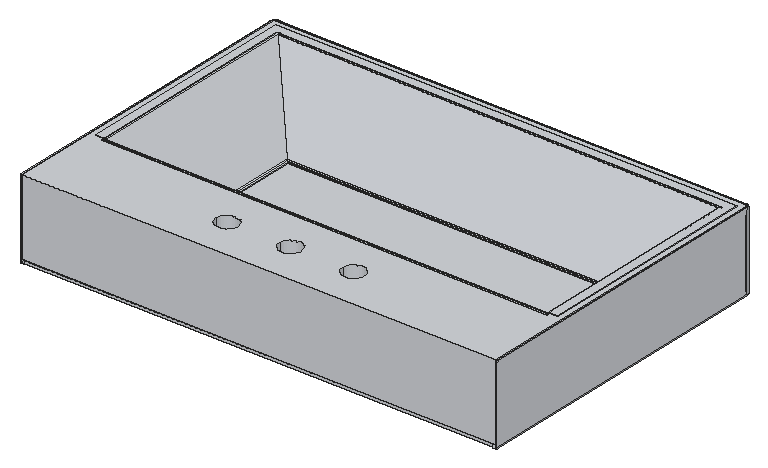
Revit family
Parameters (values of type "650 x 500mm")
  Material = none
  Manufacturer = "Revit"
  Assembly Code = "D2010440"
Reference planes
  plane 1: y = 0
  plane 2 "Center (Left/Right)": x = 125
  plane 3 "Back": y = 75
Text (mm)
  text "Placement side" at (-1787.139, 592.35, 0), in view "Ref. Level"
  text "Placement side" at (0, 1827.695, 2917.686), in view "Left"
  text "Placement side" at (0, 562.268, 3853.606), in view "Right"
Dimensions and locks
  locked: plane 3 "Back" to host wall at 0
  aligned and locked: host wall to plane 1
  aligned and locked: plane 3 "Back" to nested 1
Nested families
  nested 1: "Sink_2" at (125, 75, 750), type "650 x 500mm"
Definition of nested family "Sink_2"
  Parameters (values of type "650 x 500mm")
    Material = none
    Manufacturer = "Revit"
    Assembly Code = "D2010440"
  Reference planes
    plane 1 "Center (Front/Back)": y = 0
    plane 2: z = 0
    plane 3 "Center (Left/Right)": x = 0
    plane 4: x = -134.49
    plane 5: x = -249.489
    plane 6: x = -224.489
  Forms (mm)
    Sweep 1, solid
      path origin (-125, -75, 0) x (1, 0, 0) y (0, 1, 0)
        loop
          line (-223.531, 210) -> (-223.531, 550) -> (476.469, 550) -> (476.469, 210)
      profile origin (0, 305, 0) x (-1, 0, 0) y (0, 0, 1)
        loop
          line (363.392, 115) -> (363.392, 120) -> (349.501, 120)
          arc (349.501, 120) -> (348.531, 119.749) -> (347.805, 119.06) r 2
          line (347.805, 119.06) -> (273.98, 0.94)
          arc (273.98, 0.94) -> (273.253, 0.251) -> (272.284, 0) r 2
          line (272.284, 0) -> (268.039, 0) -> (268.039, -5.042) -> (276.137, -5.042) -> (351.163, 115) -> (363.392, 115)
    Sweep 2, solid
      path origin (-125, -75, 0) x (1, 0, 0) y (0, 1, 0)
        loop
          line (-226.163, 205) -> (479.101, 205)
      profile origin (1.469, 0, 0) x (0, 1, 0) y (0, 0, 1)
        loop
          line (149.827, 1.749) -> (135.102, 118.251)
          arc (135.102, 118.251) -> (134.441, 119.5) -> (133.118, 120) r 2
          line (133.118, 120) -> (129.881, 120) -> (145.686, -5.042) -> (155.686, -5.042) -> (155.686, 0) -> (151.811, 0)
          arc (151.811, 0) -> (150.489, 0.5) -> (149.827, 1.749) r 2
    Extrusion 3, solid
      sketch origin (-125, -75, 0) x (1, 0, 0) y (0, 1, 0)
        loop
          arc (-245.531, 573) -> (-247.653, 572.121) -> (-248.531, 570) r 3
          line (-248.531, 570) -> (-248.531, 75) -> (501.469, 75) -> (501.469, 570)
          arc (501.469, 570) -> (500.59, 572.121) -> (498.469, 573) r 3
          line (498.469, 573) -> (-245.531, 573)
        loop
          circle (25.511, 139.361) r 17.5
        loop
          circle (125.511, 139.361) r 17.5
        loop
          circle (225.511, 139.361) r 17.5
        loop
          line (479.101, 550) -> (-226.163, 550) -> (-226.163, 205) -> (479.101, 205) -> (479.101, 550)
      from 0 to 120
    Sweep 4, solid
      path origin (-125, -75, 0) x (1, 0, 0) y (0, 1, 0)
        loop
          line (-248.531, 75) -> (-248.531, 570)
          arc (-248.531, 570) -> (-247.067, 573.536) -> (-243.531, 575) r 5
          line (-243.531, 575) -> (496.469, 575)
          arc (496.469, 575) -> (500.004, 573.536) -> (501.469, 570) r 5
          line (501.469, 570) -> (501.469, 75)
      profile origin (0, 247.5, 0) x (-1, 0, 0) y (0, 0, 1)
        loop
          line (373.531, 120) -> (373.531, -5) -> (374.531, -5)
          arc (374.531, -5) -> (375.238, -4.707) -> (375.531, -4) r 1
          line (375.531, -4) -> (375.531, 119)
          arc (375.531, 119) -> (375.238, 119.707) -> (374.531, 120) r 1
          line (374.531, 120) -> (373.531, 120)
    Extrusion 5, solid
      sketch origin (-125, -75, 0) x (1, 0, 0) y (0, 1, 0)
        loop
          arc (-248.531, 80) -> (-247.067, 76.464) -> (-243.531, 75) r 5
          line (-243.531, 75) -> (496.469, 75)
          arc (496.469, 75) -> (500.004, 76.464) -> (501.469, 80) r 5
          line (501.469, 80) -> (501.469, 570)
          arc (501.469, 570) -> (500.004, 573.536) -> (496.469, 575) r 5
          line (496.469, 575) -> (-243.531, 575)
          arc (-243.531, 575) -> (-247.067, 573.536) -> (-248.531, 570) r 5
          line (-248.531, 570) -> (-248.531, 80)
        loop
          circle (125.51, 275) r 23
      from -5.042 to 0
  Lines and regions (mm)
    symbolic lines
      curve 1: spline (-13.969, 136.838, 0) -> (-13.543, 137.579, 0) -> (-12.294, 138.271, 0) -> (-10.308, 138.864, 0) -> (-7.719, 139.32, 0) -> (-4.704, 139.606, 0) -> (-1.469, 139.704, 0) -> (1.766, 139.606, 0) -> (4.781, 139.32, 0) -> (7.37, 138.864, 0) -> (9.357, 138.271, 0) -> (10.605, 137.579, 0) -> (11.031, 136.838, 0)
      curve 2: spline (-13.969, 136.838, 0) -> (-13.543, 136.096, 0) -> (-12.294, 135.405, 0) -> (-10.308, 134.811, 0) -> (-7.719, 134.356, 0) -> (-4.704, 134.069, 0) -> (-1.469, 133.972, 0) -> (1.766, 134.069, 0) -> (4.781, 134.356, 0) -> (7.37, 134.811, 0) -> (9.357, 135.405, 0) -> (10.605, 136.096, 0) -> (11.031, 136.838, 0)
      curve 3: line (370, 500, 0) -> (-370, 500, 0)
      curve 4: arc (-370, 500, 0) -> (-373.536, 498.536, 0) -> (-375, 495, 0) r 5
      curve 5: line (-375, 495, 0) -> (-375, 0, 0)
      curve 6: line (-375, 0, 0) -> (375, 0, 0)
      curve 7: line (375, 0, 0) -> (375, 495, 0)
      curve 8: arc (375, 495, 0) -> (373.536, 498.536, 0) -> (370, 500, 0) r 5
      curve 9: line (345, 475, 0) -> (-345, 475, 0)
      curve 10: arc (-345, 475, 0) -> (-348.536, 473.536, 0) -> (-350, 470, 0) r 5
      curve 11: line (-350, 470, 0) -> (-350, 135, 0)
      curve 12: arc (-350, 135, 0) -> (-348.536, 131.464, 0) -> (-345, 130, 0) r 5
      curve 13: line (-345, 130, 0) -> (345, 130, 0)
      curve 14: arc (345, 130, 0) -> (348.536, 131.464, 0) -> (350, 135, 0) r 5
      curve 15: line (350, 135, 0) -> (350, 470, 0)
      curve 16: arc (350, 470, 0) -> (348.536, 473.536, 0) -> (345, 475, 0) r 5
      curve 17: line (-348.555, 473.516, 0) -> (-270.329, 393.13, 0)
      curve 18: line (348.536, 473.536, 0) -> (268.13, 393.13, 0)
      curve 19: line (-347.276, 130.548, 0) -> (-270.329, 146.03, 0)
      curve 20: line (347.255, 130.537, 0) -> (268.13, 146.03, 0)
      curve 21: line (268.13, 388.13, 0) -> (268.13, 151.03, 0)
      curve 22: arc (268.13, 151.03, 0) -> (266.665, 147.494, 0) -> (263.13, 146.03, 0) r 5
      curve 23: line (263.13, 146.03, 0) -> (-265.329, 146.03, 0)
      curve 24: arc (-265.329, 146.03, 0) -> (-268.865, 147.494, 0) -> (-270.329, 151.03, 0) r 5
      curve 25: line (-270.329, 151.03, 0) -> (-270.329, 388.13, 0)
      curve 26: arc (-270.329, 388.13, 0) -> (-268.865, 391.665, 0) -> (-265.329, 393.13, 0) r 5
      curve 27: line (-265.329, 393.13, 0) -> (263.13, 393.13, 0)
      curve 28: arc (263.13, 393.13, 0) -> (266.665, 391.665, 0) -> (268.13, 388.13, 0) r 5
      curve 29: arc (36.031, 200, 0) -> (-1.469, 237.5, 0) -> (-38.969, 200, 0) r 37.5
      curve 30: arc (-38.969, 200, 0) -> (-1.469, 162.5, 0) -> (36.031, 200, 0) r 37.5
      curve 31: arc (-1.469, 177, 0) -> (-24.469, 200, 0) -> (-1.469, 223, 0) r 23
      curve 32: arc (-1.469, 223, 0) -> (21.531, 200, 0) -> (-1.469, 177, 0) r 23
      curve 33: arc (-82.5, 70, 0) -> (-100, 87.5, 0) -> (-117.5, 70, 0) r 17.5
      curve 34: arc (-117.5, 70, 0) -> (-100, 52.5, 0) -> (-82.5, 70, 0) r 17.5
      curve 35: arc (-17.5, 70, 0) -> (0, 52.5, 0) -> (17.5, 70, 0) r 17.5
      curve 36: arc (17.5, 70, 0) -> (0, 87.5, 0) -> (-17.5, 70, 0) r 17.5
      curve 37: arc (82.5, 70, 0) -> (100, 52.5, 0) -> (117.5, 70, 0) r 17.5
      curve 38: arc (117.5, 70, 0) -> (100, 87.5, 0) -> (82.5, 70, 0) r 17.5
